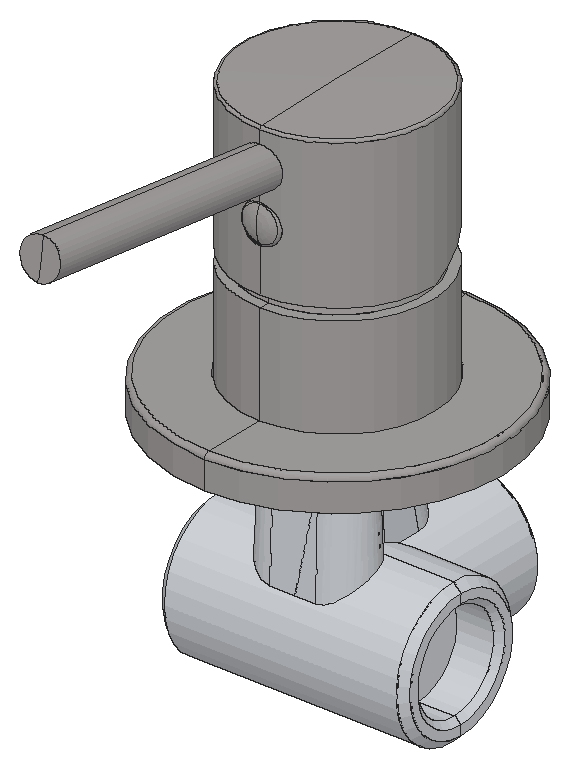
Revit family "Reece_Tap_Mizu_Drift MK2_Shower Mixer", category Plumbing Fixtures, host Face, Revit 2018
Family settings
  Host = Face
  Round Connector Dimension = Use Diameter
  Part Type = Normal
  Cut with Voids When Loaded = No
  Shared = Yes
  Room Calculation Point = Yes
Parameters (values of type "Brushed Gunmetal")
  WFU = 0  # constant formula
  URL = "https://www.reece.com.au/product/-2267172"
  Type Comments = "Tap"
  Reece_Tap_Outlet = 25 mm  # constant formula
  Reece_Tap_Inlet = 25 mm  # constant formula
  Reece_Product_Web Page = "https://www.reece.com.au/product/-2267172"
  Reece_Product_Type = "Tap"  # constant formula
  Reece_Product_Sub Brand = "Drift MK2"  # constant formula
  Reece_Product_Number = "2267172"
  Reece_Product_Mount = "Wall Mounted"
  Reece_Product_Description = "Mizu Drift MK2 Shower Mixer Kit Brushed Gunmetal"
  Reece_Product_Brand = "Mizu"  # constant formula
  Reece_Overall_Length = 58 mm  # constant formula
  Reece_Material-Main = Reece_Brass_Brushed Gunmetal
  Reece_Lever_Length = 55 mm
  Reece_Detail_Installation = ""
  Reece_Detail_Disclaimer = "THIS FILE IS THE PROPERTY OF THE REECE GROUP. IT MAY NOT BE REPRODUCED, REVERSE-ENGINEERED, OR MODIFIED. ANY REPUBLICATION, TRANSMISSION, OR DISTRIBUTION FOR THE PURPOSE OF COMMERCIALLY EXPLOITING THE FILES IS PROHIBITED."  # constant formula
  Reece_Detail_Connector = ""
  Reece_Detail_Additional = ""
  Model = "Drift MK2"
  Manufacturer = "Mizu"
  Keynote = "Product #2267172, Reece_Tap_Mizu_Drift MK2_Shower Mixer - Brushed Gunmetal"
  HWFU = 0  # constant formula
  Disclaimer = "THIS FILE IS THE PROPERTY OF THE REECE GROUP. IT MAY NOT BE REPRODUCED, REVERSE-ENGINEERED, OR MODIFIED. ANY REPUBLICATION, TRANSMISSION, OR DISTRIBUTION FOR THE PURPOSE OF COMMERCIALLY EXPLOITING THE FILES IS PROHIBITED."  # constant formula
  Description = "Mizu Drift MK2 Shower Mixer Kit Brushed Gunmetal"
  Default Elevation = 1000 mm
  CWFU = 0  # constant formula
Types (5, lengths in mm): name | URL | Reece_Product_Web Page | Reece_Product_Number | Reece_Product_Description | Reece_Material-Main | Keynote | Description
  Brushed Nickel | "https://www.reece.com.au/product/-9510602" | "https://www.reece.com.au/product/-9510602" | "9510602" | "Mizu Drift MK2 Shower Mixer Kit Brushed Nickel" | Reece_Brass_Brushed Nickel | "Product #9510602, Reece_Tap_Mizu_Drift MK2_Shower Mixer - Brushed Nickel" | "Mizu Drift MK2 Shower Mixer Kit Brushed Nickel"
  Chrome | "https://www.reece.com.au/product/-9510600" | "https://www.reece.com.au/product/-9510600" | "9510600" | "Mizu Drift MK2 Shower Mixer Kit Chrome" | Reece_Brass_Chrome | "Product #9510600, Reece_Tap_Mizu_Drift MK2_Shower Mixer - Chrome" | "Mizu Drift MK2 Shower Mixer Kit Chrome"
  Matte Black | "https://www.reece.com.au/product/-9510601" | "https://www.reece.com.au/product/-9510601" | "9510601" | "Mizu Drift MK2 Shower Mixer Kit Matte Black" | Reece_Brass_Matte Black | "Product #9510601, Reece_Tap_Mizu_Drift MK2_Shower Mixer - Matte Black" | "Mizu Drift MK2 Shower Mixer Kit Matte Black"
  Brushed Gunmetal | "https://www.reece.com.au/product/-2267172" | "https://www.reece.com.au/product/-2267172" | "2267172" | "Mizu Drift MK2 Shower Mixer Kit Brushed Gunmetal" | Reece_Brass_Brushed Gunmetal | "Product #2267172, Reece_Tap_Mizu_Drift MK2_Shower Mixer - Brushed Gunmetal" | "Mizu Drift MK2 Shower Mixer Kit Brushed Gunmetal"
  Brushed Brass | "https://www.reece.com.au/product/-2266756" | "https://www.reece.com.au/product/-2266756" | "2266756" | "Mizu Drift MK2 Shower Mixer Kit Brushed Brass" | Reece_Brass_Brushed | "Product #2266756, Reece_Tap_Mizu_Drift MK2_Shower Mixer - Brushed Brass" | "Mizu Drift MK2 Shower Mixer Kit Brushed Brass"
Reference planes
  plane 1 "Center (Front/Back)": y = 0
  plane 2: z = 0
  plane 3 "Center (Left/Right)": x = 0
  plane 4: z = 58
  plane 5: through (0, -18.388, 50.922) normal (0, 0.9903, -0.1392)
  plane 6: through (0, -72.296, 62.537) normal (0, 0.9903, -0.1392)
Forms (mm)
  Revolve 1, solid, material "Reece_Brass_Brushed Gunmetal" <- "Reece_Material-Main"
    sketch origin (0, 0.055, -117.916) x (0, 1, 0) y (0, 0, 1)
      loop
        line (-19, 144.1) -> (-19, 117.916) -> (0, 117.916) -> (0, 150.1) -> (-13.55, 150.1) -> (-13.55, 153.784)
        arc (-13.55, 153.784) -> (-15.908, 149.168) -> (-17, 144.1) r 20
        line (-17, 144.1) -> (-19, 144.1)
      axis (0, 153.784) -> (0, 117.916)
    angle from 0 to 360
  Extrusion 2, void
    sketch origin (0, 5.683, 38.243) x (0, -0.91357, -0.406681) y (1, 0, 0)
      loop
        line (39.237, 24.5) -> (-51.116, 24.5) -> (-51.116, -24.5) -> (39.237, -24.5) -> (39.237, 24.5)
    from -20.185 to -6.612
  Revolve 3, solid, material "Reece_Brass_Brushed Gunmetal" <- "Reece_Material-Main"
    sketch origin (0, 0.055, -125.616) x (0, 1, 0) y (0, 0, 1)
      loop
        arc (-18.499, 183.61) -> (-18.854, 183.45) -> (-19, 183.088) r 0.522
        line (-19, 183.088) -> (-19, 154.095) -> (-17.998, 154.095) -> (-17.5, 161.214) -> (-17.5, 164.095) -> (0, 164.095) -> (0, 183.979)
        arc (0, 183.979) -> (-9.251, 183.886) -> (-18.499, 183.61) r 466.089
      axis (0, 183.979) -> (0, 154.095)
    angle from 0 to 360
  Revolve 4, solid, material "Reece_Brass_Brushed Gunmetal" <- "Reece_Material-Main"
    sketch origin (0, 0.055, 0.5) x (0, 1, 0) y (0, 0, 1)
      loop
        arc (-31.555, 6) -> (-32.262, 5.707) -> (-32.555, 5) r 1
        line (-32.555, 5) -> (-32.555, -0.5) -> (-19.305, -0.5) -> (-19.305, 6) -> (-31.555, 6)
      axis (0, 6) -> (0, -0.5)
    angle from 0 to 360
  Revolve 5, solid
    sketch origin (0, 7.086, -35) x (0, -1, 0) y (0, 0, 1)
      loop
        line (7.086, 34.7) -> (7.086, 27.3) -> (26.086, 27.3) -> (26.086, 34.7) -> (7.086, 34.7)
      axis (7.086, 34.7) -> (7.086, 27.3)
    angle from 0 to 360
  Revolve 6, solid
    sketch origin (0.142, -6.986, -36.43) x (0, 1, 0) y (0, 0, -1)
      loop
        line (8.163, -13.75) -> (38.586, -13.75) -> (40.086, -12.25) -> (40.086, -10.7) -> (38.886, -9.5) -> (32.645, -9.5) -> (32.645, 0) -> (8.163, 0) -> (8.163, -13.75)
      axis (8.163, 0) -> (40.086, 0)
    angle from 0 to 360
  Revolve 7, solid
    sketch origin (-58.723, 0, -1.289) x (1, 0, 0) y (0, 0, 1)
      loop
        line (35.947, -49) -> (81.5, -49) -> (83, -47.5) -> (83, -45.7) -> (81.8, -44.5) -> (74.51, -44.5) -> (74.51, -35) -> (42.866, -35) -> (42.866, -44.5) -> (35.647, -44.5) -> (34.447, -45.7) -> (34.447, -47.5) -> (35.947, -49)
      axis (83, -35) -> (34.447, -35)
    angle from 0 to 360
  Revolve 8, solid, material "Reece_Brass_Brushed Gunmetal" <- "Reece_Material-Main"
    sketch origin (0, 0.928, -128.777) x (0, -1, 0) y (0, 0, -1)
      loop
        arc (19.269, -173.642) -> (19.651, -173.532) -> (19.915, -173.234) r 0.716
        arc (19.915, -173.234) -> (20.503, -171.536) -> (20.702, -169.75) r 8.104
        line (20.702, -169.75) -> (16.178, -169.75) -> (16.178, -173.642) -> (19.269, -173.642)
      axis (16.178, -169.75) -> (20.702, -169.75)
    angle from 0 to 360
  Revolve 9, void
    sketch origin (0, 0.928, -128.777) x (0, -1, 0) y (0, 0, -1)
      loop
        arc (20.458, -173.621) -> (20.84, -173.51) -> (21.104, -173.213) r 0.716
        arc (21.104, -173.213) -> (21.689, -171.525) -> (21.891, -169.75) r 8.104
        line (21.891, -169.75) -> (17.922, -169.75) -> (17.922, -173.621) -> (20.458, -173.621)
      axis (17.922, -169.75) -> (21.891, -169.75)
    angle from 0 to 360
  Revolve 10, void
    sketch origin (0, 0, 0) x (1, 0, 0) y (0, 0, 1)
      loop
        line (0, 6.5) -> (0, -53.5) -> (19, -53.5) -> (19, 6.5) -> (0, 6.5)
      axis (0, 6.5) -> (0, -53.5)
    angle from 0 to 360
  SweptBlend 11, solid
    path origin (0, 0, 0) x (0, 1, 0) y (0, 0, 1)
      loop
        line (-11.126, -30.592) -> (-11.126, -5.625)
    profile origin (0, -11.126, -30.592) x (0, -1, 0) y (1, 0, 0)
      loop
        line (0, 0) -> (0, 4.516)
        arc (0, 4.516) -> (-4.808, 10.868) -> (-12.227, 7.964) r 6.6
        arc (-12.227, 7.964) -> (-13.319, 6.914) -> (-14.785, 6.532) r 3
        line (-14.785, 6.532) -> (-24.322, 6.532)
        arc (-24.322, 6.532) -> (-30.854, 0) -> (-24.322, -6.532) r 6.532
        line (-24.322, -6.532) -> (-14.785, -6.532)
        arc (-14.785, -6.532) -> (-13.319, -6.914) -> (-12.227, -7.964) r 3
        arc (-12.227, -7.964) -> (-4.808, -10.868) -> (0, -4.516) r 6.6
        line (0, -4.516) -> (0, 0)
    end profile origin (0, -11.126, -5.625) x (0, -1, 0) y (1, 0, 0)
      loop
        arc (-19.416, 6.309) -> (-25.724, 0) -> (-19.416, -6.309) r 6.309
        line (-19.416, -6.309) -> (-13.92, -6.309)
        arc (-13.92, -6.309) -> (-12.496, -6.667) -> (-11.413, -7.658) r 3.004
        arc (-11.413, -7.658) -> (-4.978, -9.992) -> (-0.892, -4.5) r 5.734
        line (-0.892, -4.5) -> (-0.892, 4.5)
        arc (-0.892, 4.5) -> (-4.978, 9.992) -> (-11.413, 7.658) r 5.734
        arc (-11.413, 7.658) -> (-12.497, 6.667) -> (-13.921, 6.309) r 3.004
        line (-13.921, 6.309) -> (-19.416, 6.309)
  Revolve 12, solid, material "Reece_Brass_Brushed Gunmetal" <- "Reece_Material-Main"
    sketch origin (0, -80.665, 258.59) x (0, -1, 0) y (0, 0, -1)
      loop
        line (-62.278, 207.668) -> (-62.834, 203.707) -> (-8.369, 196.052) -> (-7.813, 200.013) -> (-62.278, 207.668)
      axis (-7.813, 200.013) -> (-62.278, 207.668)
    angle from 0 to 360
Cuts and joins
  Extrusion 2, Revolve 9 cuts Revolve 3
  joined: Revolve 3, Revolve 12
  joined: Revolve 5, Revolve 6, Revolve 7, SweptBlend 11
Lines and regions (mm)
  reference lines
    curve 1: line (0, -27.613, 16.209) -> (0, 43.373, 47.809)
Text (mm)
  text "Reece Copyright © 2018, Reece Ltd." at (-1403.988, -1192.393, 0), in view "Ref. Level"
  text "Reece ©" at (34.197, 169.242, 112.824), in view "Reece Preview"
Dimensions and locks
  "Reece_Overall_Length": plane 4 to host face
  locked: Revolve 1 sketch curve to Revolve 1 sketch curve at 6
  Revolve 1 sketch curve to Revolve 1 sketch curve = 19 mm
  Extrusion 2 sketch curve to Extrusion 2 sketch curve = 49 mm
  Revolve 3 sketch curve to Revolve 3 sketch curve = 19 mm
  locked: Revolve 3 sketch curve to Revolve 3 sketch curve at 1.5
  locked: Revolve 3 sketch curve to Revolve 3 sketch curve at 10
  "Reece_Lever_Length": plane 5 to plane 6
  aligned and locked: plane 2 to host face
  aligned and locked: level to host face
  aligned and locked: Revolve 3 sketch curve to Revolve 3 sketch curve
  aligned and locked: Revolve 12 sketch curve to Revolve 12 sketch curve
Automatic sketch dimensions
  host sketch curve to host sketch curve = 244.45 mm
  host sketch curve to host sketch curve = 246.302 mm
  Extrusion 2 sketch curve to Extrusion 2 sketch curve = 90.354 mm
  Revolve 4 sketch curve to Revolve 4 sketch curve = 1 mm
  Revolve 4 sketch curve to Revolve 4 sketch curve = 12.25 mm
  Revolve 8 sketch curve to Revolve 8 sketch curve = 3.58 mm
  Revolve 8 sketch curve to Revolve 8 sketch curve = 3.091 mm
  Revolve 8 sketch curve to Revolve 8 sketch curve = 1.433 mm
  Revolve 8 sketch curve to Revolve 8 sketch curve = 0.716 mm
  Revolve 8 sketch curve to Revolve 8 sketch curve = 3.892 mm
  Revolve 8 sketch curve to Revolve 8 sketch curve = 0.925 mm
  Revolve 8 sketch curve to Revolve 8 sketch curve = 4.804 mm
  Revolve 8 sketch curve to Revolve 8 sketch curve = 0 mm
  Revolve 9 sketch curve to Revolve 9 sketch curve = 4.135 mm
  Revolve 9 sketch curve to Revolve 9 sketch curve = 2.536 mm
  Revolve 9 sketch curve to Revolve 9 sketch curve = 1.433 mm
  Revolve 9 sketch curve to Revolve 9 sketch curve = 0.716 mm
  Revolve 9 sketch curve to Revolve 9 sketch curve = 3.871 mm
  Revolve 9 sketch curve to Revolve 9 sketch curve = 0.021 mm
  Revolve 9 sketch curve to Revolve 9 sketch curve = 0.264 mm
  Revolve 9 sketch curve to Revolve 9 sketch curve = 3.615 mm
  Revolve 9 sketch curve to Revolve 9 sketch curve = 0 mm
  Revolve 5 sketch curve to Revolve 5 sketch curve = 7.4 mm
  Revolve 6 sketch curve to Revolve 6 sketch curve = 0.3 mm
  Revolve 6 sketch curve to Revolve 6 sketch curve = 1.5 mm  (x2)
  Revolve 6 sketch curve to Revolve 6 sketch curve = 9.5 mm
  Revolve 6 sketch curve to Revolve 6 sketch curve = 1.2 mm
  Revolve 6 sketch curve to Revolve 6 sketch curve = 1.55 mm
  Revolve 6 sketch curve to Revolve 6 sketch curve = 8.163 mm
  Revolve 7 sketch curve to Revolve 7 sketch curve = 1.2 mm  (x3)
  Revolve 7 sketch curve to Revolve 7 sketch curve = 0.3 mm  (x2)
  Revolve 7 sketch curve to Revolve 7 sketch curve = 6.99 mm
  Revolve 7 sketch curve to Revolve 7 sketch curve = 1.5 mm  (x2)
  Revolve 7 sketch curve to Revolve 7 sketch curve = 1.8 mm  (x2)
  Revolve 7 sketch curve to Revolve 7 sketch curve = 4.5 mm  (x2)
  Revolve 7 sketch curve to Revolve 7 sketch curve = 12.797 mm
  Revolve 7 sketch curve to Revolve 7 sketch curve = 25.491 mm
  Revolve 7 sketch curve to Revolve 7 sketch curve = 10.7 mm
  Revolve 7 sketch curve to Revolve 7 sketch curve = 7.219 mm
  Revolve 7 sketch curve to Revolve 7 sketch curve = 18.848 mm
  Revolve 7 sketch curve to Revolve 7 sketch curve = 9.5 mm
  Revolve 4 sketch curve to Revolve 4 sketch curve = 2438.37 mm
  Revolve 1 sketch curve to Revolve 1 sketch curve = 2 mm
  Revolve 1 sketch curve to Revolve 1 sketch curve = 3.45 mm
  Revolve 1 sketch curve to Revolve 1 sketch curve = 1.644 mm
  Revolve 1 sketch curve to Revolve 1 sketch curve = 458.726 mm
  Revolve 3 sketch curve to Revolve 3 sketch curve = 0.522 mm
  Revolve 3 sketch curve to Revolve 3 sketch curve = 1.002 mm
  Revolve 3 sketch curve to Revolve 3 sketch curve = 2.881 mm
  Revolve 3 sketch curve to Revolve 3 sketch curve = 58.7 mm
  Revolve 3 sketch curve to Revolve 3 sketch curve = 2209.364 mm
  Revolve 1 sketch curve to Revolve 1 sketch curve = 13.55 mm
  Revolve 1 sketch curve to Revolve 1 sketch curve = 2.932 mm
  Revolve 1 sketch curve to Revolve 1 sketch curve = 24.54 mm
  Revolve 1 sketch curve to Revolve 1 sketch curve = 2290.565 mm
  Revolve 3 sketch curve to Revolve 3 sketch curve = 0.055 mm
  Revolve 3 sketch curve to Revolve 3 sketch curve = 436.205 mm
  Revolve 3 sketch curve to Revolve 3 sketch curve = 18.993 mm
  Revolve 3 sketch curve to Revolve 3 sketch curve = 0.891 mm
  Revolve 4 sketch curve to Revolve 4 sketch curve = 5.5 mm
  Revolve 4 sketch curve to Revolve 4 sketch curve = 19.305 mm
  Revolve 4 sketch curve to Revolve 4 sketch curve = 340.31 mm
  Revolve 10 sketch curve to plane 3 "Center (Left/Right)" = 0 mm  (x2)
  level to Revolve 10 sketch curve = 6.5 mm
  plane 3 "Center (Left/Right)" to Revolve 10 sketch curve = 19 mm
  Revolve 10 sketch curve to level = 53.5 mm
  Revolve 10 sketch curve to Revolve 10 sketch curve = 30.501 mm
  Revolve 10 sketch curve to Revolve 10 sketch curve = 11.979 mm
  plane 1 "Center (Front/Back)" to curve 1 = 27.613 mm
  level to curve 1 = 16.209 mm
  curve 1 to plane 4 = 10.191 mm
  curve 1 to plane 1 "Center (Front/Back)" = 43.373 mm
  Revolve 1 sketch curve to level = 0 mm
  plane 1 "Center (Front/Back)" to Revolve 1 sketch curve = 18.945 mm
  plane 3 "Center (Left/Right)" to Extrusion 2 sketch curve = 24.5 mm
  plane 1 "Center (Front/Back)" to Revolve 3 sketch curve = 18.945 mm
  Revolve 3 sketch curve to level = 407.726 mm
  Revolve 4 sketch curve to level = 0 mm
  plane 1 "Center (Front/Back)" to Revolve 4 sketch curve = 32.5 mm
  Revolve 7 sketch curve to plane 3 "Center (Left/Right)" = 24.277 mm
  Revolve 7 sketch curve to level = 50.289 mm
  plane 1 "Center (Front/Back)" to Revolve 8 sketch curve = 11.67 mm
  Revolve 8 sketch curve to plane 4 = 13.135 mm
  plane 1 "Center (Front/Back)" to Revolve 9 sketch curve = 12.859 mm
  Revolve 9 sketch curve to plane 4 = 13.156 mm
  SweptBlend 11 sketch curve to plane 3 "Center (Left/Right)" = 0 mm  (x3)
  profile plane to SweptBlend 11 sketch curve = 19.416 mm
  SweptBlend 11 sketch curve to SweptBlend 11 sketch curve = 0 mm  (x3)
  SweptBlend 11 sketch curve to SweptBlend 11 sketch curve = 5.496 mm
  SweptBlend 11 sketch curve to SweptBlend 11 sketch curve = 5.495 mm
  SweptBlend 11 sketch curve to SweptBlend 11 sketch curve = 0.001 mm
  plane 3 "Center (Left/Right)" to SweptBlend 11 sketch curve = 4.5 mm  (x2)
  profile plane to SweptBlend 11 sketch curve = 6.626 mm  (x2)
  SweptBlend 11 sketch curve to plane 3 "Center (Left/Right)" = 4.5 mm  (x2)
  profile plane to SweptBlend 11 sketch curve = 0.892 mm
  SweptBlend 11 sketch curve to plane 3 "Center (Left/Right)" = 6.309 mm
  SweptBlend 11 sketch curve to SweptBlend 11 sketch curve = 3.004 mm  (x2)
  profile plane to SweptBlend 11 sketch curve = 24.322 mm
  SweptBlend 11 sketch curve to SweptBlend 11 sketch curve = 9.537 mm  (x2)
  profile plane to SweptBlend 11 sketch curve = 6.6 mm  (x2)
  profile plane to SweptBlend 11 sketch curve = 0 mm
  SweptBlend 11 sketch curve to plane 3 "Center (Left/Right)" = 4.516 mm
  SweptBlend 11 sketch curve to plane 3 "Center (Left/Right)" = 6.532 mm
  SweptBlend 11 sketch curve to SweptBlend 11 sketch curve = 3 mm  (x2)
  SweptBlend 11 sketch curve to SweptBlend 11 sketch curve = 4.516 mm
  plane 1 "Center (Front/Back)" to SweptBlend 11 sketch curve = 11.126 mm
  SweptBlend 11 sketch curve to level = 30.592 mm
  SweptBlend 11 sketch curve to level = 5.625 mm
  Revolve 5 sketch curve to plane 1 "Center (Front/Back)" = 0 mm  (x2)
  Revolve 5 sketch curve to level = 7.7 mm
  plane 1 "Center (Front/Back)" to Revolve 5 sketch curve = 19 mm
  Revolve 5 sketch curve to plane 4 = 28 mm
  Revolve 5 sketch curve to Revolve 5 sketch curve = 10 mm
  Revolve 6 sketch curve to plane 1 "Center (Front/Back)" = 1.178 mm
  Revolve 6 sketch curve to Revolve 6 sketch curve = 24.481 mm
  Revolve 6 sketch curve to Revolve 6 sketch curve = 5.941 mm
  Revolve 6 sketch curve to level = 22.68 mm
  Revolve 6 sketch curve to Revolve 6 sketch curve = 7.355 mm
  Revolve 6 sketch curve to Revolve 6 sketch curve = 0 mm
  plane 5 to Revolve 12 sketch curve = 0 mm  (x2)
  plane 6 to Revolve 12 sketch curve = 0 mm
  Revolve 12 sketch curve to plane 4 = 3.117 mm
  Revolve 12 sketch curve to plane 4 = 7.078 mm
  Revolve 12 sketch curve to plane 4 = 7.971 mm
  plane 4 to Revolve 12 sketch curve = 2.118 mm
Connectors
  piping at (0.142, 25.659, -36.43), diameter 25, driven by "Reece_Tap_Outlet"
    settings: on cut or joined group of Revolve 5, Revolve 6, Revolve 7, SweptBlend 11, index 1, connector inside diameter 609.6 mm, connector length 0 mm, flow factor 0, pipe flow 0.0 L/s, pressure drop 0.0 Pa, fitting loss kfactor 0, connector angle 0.00°, fixture units 0, engagement length 0 mm, angle of deflection 0.00°, flow configuration 0, flow direction 2, fitting loss method 0, system type 29, joint type 0, gender type 0, connector reference index -1, connector utility 0, adjustable connector no, is connector primary yes, connector description ""
  piping at (-15.857, 0, -36.289), diameter 25, driven by "Reece_Tap_Inlet"
    settings: on cut or joined group of Revolve 5, Revolve 6, Revolve 7, SweptBlend 11, index 2, connector inside diameter 609.6 mm, connector length 0 mm, flow factor 0, pipe flow 0.0 L/s, pressure drop 0.0 Pa, fitting loss kfactor 0, connector angle 0.00°, fixture units 0, engagement length 0 mm, angle of deflection 0.00°, flow configuration 0, flow direction 1, fitting loss method 0, system type 29, joint type 0, gender type 0, connector reference index -1, connector utility 0, adjustable connector no, is connector primary no, connector description ""
  piping at (15.787, 0, -36.289), diameter 25, driven by "Reece_Tap_Inlet"
    settings: on cut or joined group of Revolve 5, Revolve 6, Revolve 7, SweptBlend 11, index 3, connector inside diameter 609.6 mm, connector length 0 mm, flow factor 0, pipe flow 0.0 L/s, pressure drop 0.0 Pa, fitting loss kfactor 0, connector angle 0.00°, fixture units 0, engagement length 0 mm, angle of deflection 0.00°, flow configuration 0, flow direction 1, fitting loss method 0, system type 29, joint type 0, gender type 0, connector reference index -1, connector utility 0, adjustable connector no, is connector primary no, connector description ""
